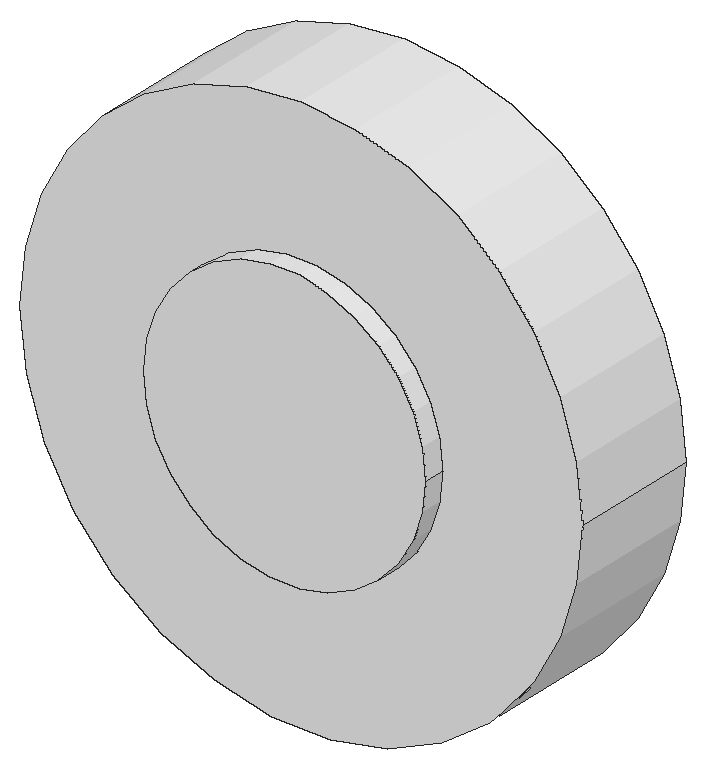
Revit family "FB-185-19", category Plumbing Fixtures, Revit 2014
Parameters (values of type "FB-185-19")
  URL = "http://www.helvex.com.mx/contenido.php?producto=327"
  Type Comments = "Flushvalves"
  Power Consumption = 2 W
  Note = "Feeding Pipe Must Be 1 ¼\" and Connection a 1 ¼\" - 1\" Reductor to Stop Valve"
  Model = "FB-185-19"
  Min. Working Pressure = 14.22 psi
  Max. Working Pressure = 85.34 psi
  Manufacturer = "Helvex"
  Instructive = "http://www.helvex.com.mx/productos/instructivos/FB-185-19.pdf"
  Flow = "0.8 Gallons Per Flush"
  Feeding Voltage = 6 V
  Features = "Operates With a 6V Lithium Battery; Button With Antibacterial Coating; Left or Right Connection"
  Documentation = "http://www.helvex.com.mx/productos/fichas/FB-185-19.pdf"
  Description = "0.8\" gpf, Battery Operated Electronic Urinal Flushvalve With Button"
  Connection = "1\" Feeding Connection"
  Compliance = "NOM-005-CONAGUA-1996"
  Chrome = Brass Chromed
  Certification = "http://www.helvex.com.mx/productos/vistas/FB-185-19.pdf"
  CW Connection = yes
Reference planes (in)
  plane 1 "Center (Front/Back)": y = 0
  plane 2: z = 0
  plane 3 "Center (Left/Right)": x = 0
  plane 4: y = -2.4
  plane 5: z = 42
Forms (in)
  Extrusion 1, solid, material "Brass Chromed" <- "Chrome"
    sketch origin (0, 0, 42) x (1, 0, 0) y (0, 0, 1)
      loop
        circle (-3.47862, 12.428) r 0.69
    from 0 to 0.7315
  Extrusion 2, solid, material "Brass Chromed" <- "Chrome"
    sketch origin (0, 0, 42) x (1, 0, 0) y (0, 0, 1)
      loop
        circle (-3.47862, 12.428) r 1.375
    from 0 to 0.63
Dimensions and locks (in)
  plane 4 to plane 1 "Center (Front/Back)" = 2.4"
  locked: plane 2 to plane 5 at 42
  plane 5 to level = 42"
  locked: plane 4 to plane 1 "Center (Front/Back)" at 2.4
  aligned and locked: level to plane 2
Connectors (in)
  piping at (-3.47862, 0, 54.428), diameter 1, driven by "CW Connection"
    settings: on Extrusion 1, index 1, connector inside diameter 24", connector length 0", flow factor 0, pipe flow 0.0 GPM, pressure drop 0.0 psi, fitting loss kfactor 0, connector angle 0.00°, fixture units 0, engagement length 0", angle of deflection 0.00°, flow configuration 2, flow direction 1, fitting loss method 0, system type 16, joint type 0, gender type 0, connector reference index -1, connector utility 1, adjustable connector no, is connector primary yes, connector description ""
  piping at (1.80291, -2.4, 42), diameter 0.75, driven by "CW Connection"
    settings: on import instance, index 2, connector inside diameter 24", connector length 0", flow factor 0, pipe flow 0.0 GPM, pressure drop 0.0 psi, fitting loss kfactor 0, connector angle 0.00°, fixture units 0, engagement length 0", angle of deflection 0.00°, flow configuration 2, flow direction 2, fitting loss method 0, system type 16, joint type 0, gender type 0, connector reference index -1, connector utility 1, adjustable connector no, is connector primary no, connector description ""
